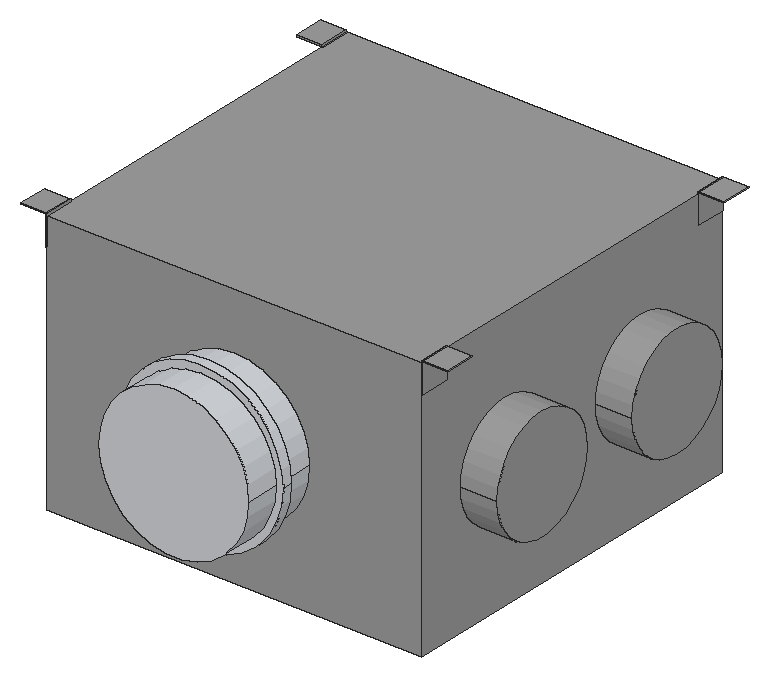
Revit family "SA_FASU(F4-150 200Φ)", category ダクト付属品, Revit 2021
Family settings
  丸型コネクタ寸法 = 直径を使用
  パーツ タイプ = ダンパー
  OmniClass 番号 = 23.75.00.00
  OmniClass タイトル = Climate Control (HVAC)
  作業面ベース = いいえ
  常に垂直 = はい
  ロード時にボイドで切り取り = いいえ
  共有 = いいえ
Parameters
  高さ = 350 mm
  風量 = 0.0 L/s
  符号 = "FASU"
  形式 = "F4-150 200φ"
  幅 [instance] = 500 mm
  奥行き = 500 mm
  大きさ = 200 mm
  呼称 = "FASUチャンバー"
  付属品_下端レベル [instance] = 0 mm
  マテリアル [instance] = 既定値
  ダクト_イン = 200 mm
  ダクト_アウト = 150 mm
  既定の高さ = 0 mm
Reference planes
  plane 1 "中心(正面/背面)": y = 0
  plane 2: z = 0
  plane 3 "中心(左/右)": x = 0
  plane 4: x = -250
  plane 5: x = 250
  plane 6: y = -500
  plane 7: z = 350
  plane 8: z = 175
  plane 9: z = 266.963
  plane 10: z = 86.159
  plane 11: x = -251
  plane 12: z = 313.122
  plane 13: z = 352.122
  plane 14: y = -250
Forms (mm)
  Extrusion 1, solid, material "既定値" <- "マテリアル"
    sketch origin (0, 0, 0) x (1, 0, 0) y (0, 1, 0)
      loop
        line (-250, 0) -> (-250, -500) -> (250, -500) -> (250, 0) -> (-250, 0)
    from 0 to 350
  Extrusion 2, solid, material "既定値" <- "マテリアル"
    sketch origin (0, -30, 0) x (0, 1, 0) y (0, 0, 1)
      loop
        circle (-332.5, 175) r 74.985
    from -300 to -250
  Extrusion 3, solid, material "既定値" <- "マテリアル"
    sketch origin (550, -30, 0) x (0, 1, 0) y (0, 0, 1)
      loop
        circle (-332.5, 175) r 74.985
    from -300 to -250
  Extrusion 4, solid, material "既定値" <- "マテリアル"
    sketch origin (0, -30, 0) x (1, 0, 0) y (0, 1, 0)
      loop
        line (-250, 30) -> (-251, 30) -> (-251, -10) -> (-250, -10) -> (-250, 30)
    from 313.122 to 350
  Extrusion 5, solid, material "既定値" <- "マテリアル"
    sketch origin (0, -30, 0) x (1, 0, 0) y (0, 1, 0)
      loop
        line (-285, 30) -> (-285, -10) -> (-251, -10) -> (-251, 30) -> (-285, 30)
    from 352.122 to 350
  Extrusion 6, solid, material "既定値" <- "マテリアル"
    sketch origin (0, -30, 0) x (-1, 0, 0) y (0, -1, 0)
      loop
        line (-250, -30) -> (-250, 10) -> (-251, 10) -> (-251, -30) -> (-250, -30)
    from 313.122 to 353.122
  Extrusion 7, solid, material "既定値" <- "マテリアル"
    sketch origin (0, -30, 0) x (-1, 0, 0) y (0, -1, 0)
      loop
        line (-285, -30) -> (-251, -30) -> (-251, 10) -> (-285, 10) -> (-285, -30)
    from 352.122 to 353.122
  Extrusion 8, solid, material "既定値" <- "マテリアル"
    sketch origin (0, -490, 0) x (1, 0, 0) y (0, 1, 0)
      loop
        line (-285, 30) -> (-285, -10) -> (-251, -10) -> (-251, 30) -> (-285, 30)
    from 352.122 to 353.122
  Extrusion 9, solid, material "既定値" <- "マテリアル"
    sketch origin (0, -490, 0) x (1, 0, 0) y (0, 1, 0)
      loop
        line (-250, 30) -> (-251, 30) -> (-251, -10) -> (-250, -10) -> (-250, 30)
    from 313.122 to 353.122
  Extrusion 10, solid, material "既定値" <- "マテリアル"
    sketch origin (0, -490, 0) x (-1, 0, 0) y (0, -1, 0)
      loop
        line (-285, -30) -> (-251, -30) -> (-251, 10) -> (-285, 10) -> (-285, -30)
    from 352.122 to 353.122
  Extrusion 11, solid, material "既定値" <- "マテリアル"
    sketch origin (0, -490, 0) x (-1, 0, 0) y (0, -1, 0)
      loop
        line (-250, -30) -> (-250, 10) -> (-251, 10) -> (-251, -30) -> (-250, -30)
    from 313.122 to 353.122
  Extrusion 12, solid, material "既定値" <- "マテリアル"
    sketch origin (550, -470, 0) x (0, -1, 0) y (0, 0, -1)
      loop
        circle (-332.5, -175) r 74.985
    from -300 to -250
  Extrusion 13, solid, material "既定値" <- "マテリアル"
    sketch origin (-550, -470, 0) x (0, -1, 0) y (0, 0, 1)
      loop
        circle (-332.5, 175) r 74.985
    from -300 to -250
  Extrusion 14, solid
    sketch origin (945.05, 0, 42.896) x (1, 0, 0) y (0, 0, 1)
      loop
        circle (-945.05, 132.104) r 100
    from 500 to 542.5
  Extrusion 15, solid
    sketch origin (945.05, -57.5, 42.896) x (1, 0, 0) y (0, 0, 1)
      loop
        circle (-945.05, 132.104) r 100
    from 497.907 to 542.5
  Extrusion 16, solid
    sketch origin (0, 0, 0) x (1, 0, 0) y (0, 0, 1)
      loop
        circle (0, 175) r 110
    from 542.5 to 555.407
Lines and regions (mm)
  model lines
    curve 1: line (-250, -30, 0) -> (250, -30, 0)
    curve 2: line (-250, -470, 0) -> (250, -470, 0)
Text (mm)
  text "FASU(F4-150 200Φ)" at (120.822, -450.782, 0), in view "参照レベル"
Dimensions and locks
  equal spacing: plane 4, plane 3 "中心(左/右)", plane 5
  "幅": plane 4 to plane 5
  "奥行き": plane 6 to plane 1 "中心(正面/背面)"
  "高さ": plane 7 to level
  equal spacing: plane 7, plane 8, level
  equal spacing: plane 6, plane 14, plane 1 "中心(正面/背面)"
  aligned and locked: level to plane 2
  aligned and locked: Extrusion 1 sketch curve to plane 5
  aligned and locked: plane 7 to Extrusion 1
  aligned and locked: plane 4 to Extrusion 2
  aligned and locked: Extrusion 3 to plane 5
  aligned and locked: Extrusion 4 sketch curve to Extrusion 1
  aligned and locked: plane 7 to Extrusion 4
  aligned and locked: Extrusion 5 sketch curve to Extrusion 4
  aligned and locked: Extrusion 4 to Extrusion 5 sketch curve
  aligned and locked: plane 7 to Extrusion 5
  aligned and locked: Extrusion 5 to plane 13
  aligned and locked: Extrusion 6 to Extrusion 7 sketch curve
  aligned and locked: Extrusion 7 sketch curve to Extrusion 6
  aligned and locked: Extrusion 1 to Extrusion 10
  aligned and locked: Extrusion 8 to Extrusion 1
  aligned and locked: Extrusion 9 to Extrusion 1
  aligned and locked: Extrusion 1 to Extrusion 11
  aligned and locked: Extrusion 11 to Extrusion 10
  aligned and locked: Extrusion 9 to Extrusion 8
  aligned and locked: plane 4 to Extrusion 9
  aligned and locked: Extrusion 11 to plane 5
  aligned and locked: plane 4 to curve 1
  aligned and locked: plane 5 to curve 1
  aligned and locked: plane 5 to curve 2
  aligned and locked: plane 4 to curve 2
  aligned and locked: Extrusion 1 to Extrusion 5
  aligned and locked: Extrusion 7 to Extrusion 1
  aligned and locked: Extrusion 6 to plane 5
  aligned and locked: Extrusion 1 to plane 6
  aligned and locked: Extrusion 1 to plane 1 "中心(正面/背面)"
  aligned and locked: Extrusion 12 to plane 5
  aligned and locked: plane 4 to Extrusion 13
  aligned and locked: plane 6 to Extrusion 14
  aligned and locked: Extrusion 14 to Extrusion 16
  aligned and locked: Extrusion 16 to Extrusion 15
Automatic sketch dimensions
  plane 6 to curve 2 = 30 mm
  plane 1 "中心(正面/背面)" to curve 1 = 30 mm
  Extrusion 1 sketch curve to plane 4 = 0 mm
  Extrusion 1 sketch curve to plane 6 = 0 mm
  plane 1 "中心(正面/背面)" to Extrusion 1 sketch curve = 0 mm
  Extrusion 2 sketch curve to plane 8 = 0 mm
  Extrusion 2 sketch curve to plane 14 = 112.5 mm
  Extrusion 3 sketch curve to plane 8 = 0 mm
  Extrusion 3 sketch curve to plane 14 = 112.5 mm
  plane 1 "中心(正面/背面)" to Extrusion 4 sketch curve = 0 mm
  Extrusion 4 sketch curve to plane 11 = 0 mm
  Extrusion 4 sketch curve to Extrusion 4 sketch curve = 40 mm
  plane 1 "中心(正面/背面)" to Extrusion 5 sketch curve = 0 mm
  Extrusion 5 sketch curve to Extrusion 5 sketch curve = 34 mm
  plane 1 "中心(正面/背面)" to Extrusion 6 sketch curve = 0 mm
  Extrusion 6 sketch curve to plane 5 = 0 mm
  Extrusion 6 sketch curve to Extrusion 6 sketch curve = 1 mm
  Extrusion 6 sketch curve to Extrusion 6 sketch curve = 40 mm
  plane 1 "中心(正面/背面)" to Extrusion 7 sketch curve = 0 mm
  Extrusion 7 sketch curve to Extrusion 7 sketch curve = 34 mm
  Extrusion 8 sketch curve to plane 6 = 0 mm
  Extrusion 8 sketch curve to plane 11 = 0 mm
  Extrusion 8 sketch curve to Extrusion 8 sketch curve = 34 mm
  plane 6 to Extrusion 8 sketch curve = 40 mm
  Extrusion 9 sketch curve to plane 11 = 0 mm
  Extrusion 9 sketch curve to plane 4 = 0 mm
  Extrusion 9 sketch curve to plane 6 = 0 mm
  plane 6 to Extrusion 9 sketch curve = 40 mm
  Extrusion 10 sketch curve to plane 6 = 0 mm
  Extrusion 10 sketch curve to plane 5 = 35 mm
  Extrusion 10 sketch curve to plane 5 = 1 mm
  Extrusion 10 sketch curve to plane 6 = 40 mm
  Extrusion 11 sketch curve to plane 6 = 0 mm
  Extrusion 11 sketch curve to plane 5 = 0 mm
  Extrusion 11 sketch curve to Extrusion 11 sketch curve = 1 mm
  Extrusion 11 sketch curve to plane 6 = 40 mm
  Extrusion 12 sketch curve to plane 8 = 0 mm
  plane 14 to Extrusion 12 sketch curve = 112.5 mm
  Extrusion 13 sketch curve to plane 8 = 0 mm
  plane 14 to Extrusion 13 sketch curve = 112.5 mm
  Extrusion 14 sketch curve to plane 3 "中心(左/右)" = 0 mm
  Extrusion 14 sketch curve to plane 8 = 0 mm
  Extrusion 15 sketch curve to plane 3 "中心(左/右)" = 0 mm
  plane 8 to Extrusion 15 sketch curve = 0 mm
  Extrusion 16 sketch curve to plane 3 "中心(左/右)" = 0 mm
  Extrusion 16 sketch curve to plane 8 = 0 mm
  radius of Extrusion 2 sketch curve = 74.985 mm
  radius of Extrusion 3 sketch curve = 74.985 mm
  radius of Extrusion 12 sketch curve = 74.985 mm
  radius of Extrusion 13 sketch curve = 74.985 mm
  radius of Extrusion 14 sketch curve = 100 mm
  radius of Extrusion 15 sketch curve = 100 mm
  radius of Extrusion 16 sketch curve = 110 mm
Connectors
  hvac at (-300, -362.5, 175), driven by "ダクト_アウト"
    settings: on Extrusion 2, index 1, duct flow 0.0 L/s, flow factor 0, pres drop 0.0 Pa, loss coef 0, conn angle 0.00°, conn width 304.8 mm, conn height 304.8 mm, conn diameter 150 mm, duct sys type 29, conn prof type 0, flow config 0, flow direction 2, loss method 0, conn ref index -1, conn util no, is conn primary yes, conn desc ""
  hvac at (-300, -137.5, 175), driven by "ダクト_アウト"
    settings: on Extrusion 13, index 2, duct flow 0.0 L/s, flow factor 0, pres drop 0.0 Pa, loss coef 0, conn angle 0.00°, conn width 304.8 mm, conn height 304.8 mm, conn diameter 150 mm, duct sys type 29, conn prof type 0, flow config 0, flow direction 2, loss method 0, conn ref index -1, conn util no, is conn primary no, conn desc ""
  hvac at (300, -362.5, 175), driven by "ダクト_アウト"
    settings: on Extrusion 3, index 3, duct flow 0.0 L/s, flow factor 0, pres drop 0.0 Pa, loss coef 0, conn angle 0.00°, conn width 304.8 mm, conn height 304.8 mm, conn diameter 150 mm, duct sys type 29, conn prof type 0, flow config 0, flow direction 2, loss method 0, conn ref index -1, conn util no, is conn primary no, conn desc ""
  hvac at (300, -137.5, 175), driven by "ダクト_アウト"
    settings: on Extrusion 12, index 4, duct flow 0.0 L/s, flow factor 0, pres drop 0.0 Pa, loss coef 0, conn angle 0.00°, conn width 304.8 mm, conn height 304.8 mm, conn diameter 150 mm, duct sys type 29, conn prof type 0, flow config 0, flow direction 2, loss method 0, conn ref index -1, conn util no, is conn primary no, conn desc ""
  hvac at (0, -600, 175)
    settings: on Extrusion 15, index 5, duct flow 0.0 L/s, flow factor 0, pres drop 0.0 Pa, loss coef 0, conn angle 0.00°, conn width 304.8 mm, conn height 304.8 mm, conn diameter 200 mm, duct sys type 29, conn prof type 0, flow config 0, flow direction 1, loss method 0, conn ref index -1, conn util no, is conn primary no, conn desc ""
